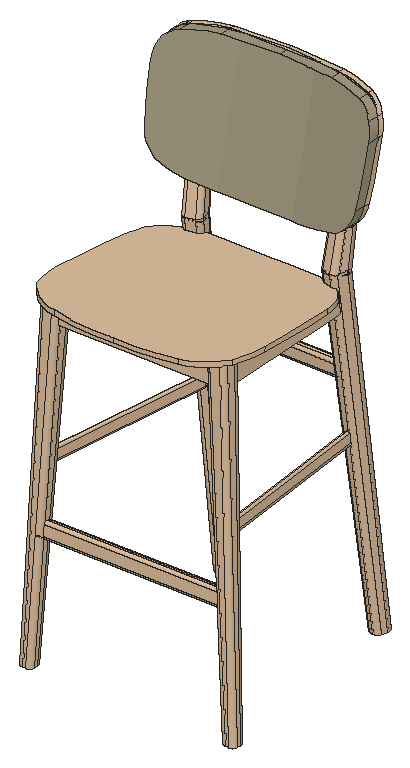
Revit family "FU_Stool_Sandler_Celina 3-14", category Furniture, Revit 2020
Family settings
  OmniClass Number = 23.40.20.00
  OmniClass Title = General Furniture and Specialties
  Work Plane-Based = No
  Always vertical = Yes
  Cut with Voids When Loaded = No
  Shared = No
  Room Calculation Point = No
Parameters (values of type "Celina 3.14")
  Width = 475 mm
  Upholstery = Fabric - Mainline Flax - Tooting MLF17
  URL = "https://www.sandlerseating.com/product/celina-3-14/"
  Model = "Celina 3.14"
  Manufacturer = "Sandler"
  Height = 1090 mm
  Frame = Wood - Beech - Cherry Wood - V
  Description = "Barstool with a wooden seat and upholstered back panel. The frame is in solid beech."
  Depth = 550 mm
  Default Elevation = 0 mm
Reference planes
  plane 1 "Center (Front/Back)": y = 0
  plane 2: z = 0
  plane 3 "Center (Left/Right)": x = 0
  plane 4 "Right": x = -237.5
  plane 5 "Left": x = 237.5
  plane 6 "Back": y = 275
  plane 7 "Front": y = -275
  plane 8 "Height": z = 1090
  plane 9 "Seat height": z = 770
  plane 10 "Seat Frame Base": through (4267.2, 159.453, 701.275) normal (0, -0.0523, -0.9986)
  plane 11: through (4267.2, 256.992, 4.174) normal (0, -0.9912, -0.1325)
  plane 12: through (4267.2, 195.782, 966.959) normal (0, 0.9866, -0.1633)
  plane 13 "BRL C FRONT": x = -169.085
  plane 14 "BL H": z = 741.259
  plane 15 "Cross Stretch RIGHT": z = 402.471
Forms (mm)
  Sweep 1, solid, material "Fabric - Mainline Flax - Tooting MLF17" <- "Upholstery"
    path origin (0, 0, 0) x (0, 1, 0) y (0, 0, 1)
      loop
        line (154.569, 770) -> (234.758, 1108.042)
    profile "Pro_celina_Back_UPH : Pro_celina_Back_UPH" origin (0, 194.663, 939.021) x (0, -0.972998, 0.230812) y (1, 0, 0)
      loop
        arc (43.165, 250) -> (3, 0) -> (43.165, -250) r 798.125
        line (43.165, -250) -> (73.165, -250)
        arc (73.165, -250) -> (33, 0) -> (73.165, 250) r 798.125
        line (73.165, 250) -> (43.165, 250)
  Extrusion 2, void
    sketch origin (0, 0, 0) x (1, 0, 0) y (0, 0, 1)
      loop
        line (0, 1090) -> (-120, 1090)
        arc (-120, 1090) -> (-157.187, 1088.102) -> (-193.987, 1082.427) r 365.188
        arc (-193.987, 1082.427) -> (-214.772, 1073.022) -> (-229.541, 1055.635) r 52.064
        arc (-229.541, 1055.635) -> (-235.86, 1038.434) -> (-237.5, 1020.182) r 70.03
        arc (-237.5, 1020.182) -> (-236.007, 959.471) -> (-231.011, 898.947) r 1050.98
        arc (-231.011, 898.947) -> (-222.49, 872.227) -> (-204.346, 850.843) r 71.485
        arc (-204.346, 850.843) -> (-187.552, 840.272) -> (-168.882, 833.545) r 92.057
        arc (-168.882, 833.545) -> (-132.35, 824.773) -> (-95.021, 820.522) r 307.517
        arc (-95.021, 820.522) -> (-47.524, 818.407) -> (0, 817.032) r 3053.671
        arc (0, 817.032) -> (47.524, 818.407) -> (95.021, 820.522) r 3053.671
        arc (95.021, 820.522) -> (132.35, 824.773) -> (168.882, 833.545) r 307.517
        arc (168.882, 833.545) -> (187.552, 840.272) -> (204.346, 850.843) r 92.057
        arc (204.346, 850.843) -> (222.49, 872.227) -> (231.011, 898.947) r 71.485
        arc (231.011, 898.947) -> (236.007, 959.471) -> (237.5, 1020.182) r 1050.98
        arc (237.5, 1020.182) -> (235.86, 1038.434) -> (229.541, 1055.635) r 70.03
        arc (229.541, 1055.635) -> (214.772, 1073.022) -> (193.987, 1082.427) r 52.064
        arc (193.987, 1082.427) -> (157.187, 1088.102) -> (120, 1090) r 365.188
        line (120, 1090) -> (0, 1090)
      loop
        line (-260, 1133.116) -> (-260, 753.116) -> (260, 753.116) -> (260, 1133.116) -> (-260, 1133.116)
    from -240.348 to -100.3
  Extrusion 3, solid, material "Wood - Beech - Cherry Wood - V" <- "Frame"
    sketch origin (0, 37.088, 707.688) x (0, 0.99863, -0.052336) y (1, 0, 0)
      loop
        line (-206.882, 168.434) -> (113.974, 140.363) -> (116.413, 168.234) -> (-204.444, 196.305) -> (-206.882, 168.434)
    from -7 to 40
  Extrusion 4, solid, material "Wood - Beech - Cherry Wood - V" <- "Frame"
    sketch origin (0, 37.088, 707.688) x (0, 0.99863, -0.052336) y (1, 0, 0)
      loop
        line (-206.882, -168.434) -> (-204.444, -196.305) -> (116.413, -168.234) -> (113.974, -140.363) -> (-206.882, -168.434)
    from -7 to 40
  Extrusion 5, solid, material "Wood - Beech - Cherry Wood - V" <- "Frame"
    sketch origin (0, 0, 0) x (1, 0, 0) y (0, 0, 1)
      loop
        spline (0, 722.98) -> (-13.573, 723.047) -> (-27.153, 723.18) -> (-40.733, 723.381) -> (-54.308, 723.648) -> (-67.871, 723.981) -> (-81.416, 724.382) -> (-94.937, 724.848) -> (-108.428, 725.381) -> (-121.883, 725.979) -> (-135.296, 726.643) -> (-148.659, 727.372) -> (-161.969, 728.166)
        line (-161.969, 728.166) -> (-164.929, 677.955) -> (164.929, 677.955) -> (161.969, 728.156)
        spline (161.969, 728.156) -> (148.66, 727.367) -> (135.296, 726.643) -> (121.883, 725.982) -> (108.429, 725.387) -> (94.937, 724.856) -> (81.416, 724.391) -> (67.871, 723.991) -> (54.308, 723.657) -> (40.733, 723.389) -> (27.152, 723.187) -> (13.573, 723.05) -> (0, 722.98)
    from 173.5 to 201.5
  Blend 6, solid, material "Wood - Beech - Cherry Wood - V" <- "Frame"
    base sketch origin (0, 0, 0) x (1, 0, 0) y (0, 1, 0)
      loop
        arc (-224.698, -192.341) -> (-232.122, -195.416) -> (-235.198, -202.841) r 10.5
        line (-235.198, -202.841) -> (-235.198, -210.841)
        arc (-235.198, -210.841) -> (-232.122, -218.265) -> (-224.698, -221.341) r 10.5
        line (-224.698, -221.341) -> (-216.698, -221.341)
        arc (-216.698, -221.341) -> (-209.273, -218.265) -> (-206.198, -210.841) r 10.5
        line (-206.198, -210.841) -> (-206.198, -202.841)
        arc (-206.198, -202.841) -> (-209.273, -195.416) -> (-216.698, -192.341) r 10.5
        line (-216.698, -192.341) -> (-224.698, -192.341)
    top sketch origin (0, 0, 0) x (1, 0, 0) y (0, 1, 0)
      loop
        arc (-190.863, -165.163) -> (-197.934, -168.092) -> (-200.863, -175.163) r 10
        line (-200.863, -175.163) -> (-200.863, -195.903)
        arc (-200.863, -195.903) -> (-197.934, -202.974) -> (-190.863, -205.903) r 10
        line (-190.863, -205.903) -> (-170.215, -205.903)
        arc (-170.215, -205.903) -> (-163.144, -202.974) -> (-160.215, -195.903) r 10
        line (-160.215, -195.903) -> (-160.215, -175.163)
        arc (-160.215, -175.163) -> (-163.144, -168.092) -> (-170.215, -165.163) r 10
        line (-170.215, -165.163) -> (-190.863, -165.163)
    from 0 to 728.156
  Blend 7, solid, material "Wood - Beech - Cherry Wood - V" <- "Frame"
    base sketch origin (0, 0, 0) x (-1, 0, 0) y (0, -1, 0)
      loop
        line (-224.698, 192.341) -> (-216.698, 192.341)
        arc (-216.698, 192.341) -> (-209.273, 195.416) -> (-206.198, 202.841) r 10.5
        line (-206.198, 202.841) -> (-206.198, 210.841)
        arc (-206.198, 210.841) -> (-209.273, 218.265) -> (-216.698, 221.341) r 10.5
        line (-216.698, 221.341) -> (-224.698, 221.341)
        arc (-224.698, 221.341) -> (-232.122, 218.265) -> (-235.198, 210.841) r 10.5
        line (-235.198, 210.841) -> (-235.198, 202.841)
        arc (-235.198, 202.841) -> (-232.122, 195.416) -> (-224.698, 192.341) r 10.5
    top sketch origin (0, 0, 0) x (-1, 0, 0) y (0, -1, 0)
      loop
        line (-190.863, 165.163) -> (-170.215, 165.163)
        arc (-170.215, 165.163) -> (-163.144, 168.092) -> (-160.215, 175.163) r 10
        line (-160.215, 175.163) -> (-160.215, 195.903)
        arc (-160.215, 195.903) -> (-163.144, 202.974) -> (-170.215, 205.903) r 10
        line (-170.215, 205.903) -> (-190.863, 205.903)
        arc (-190.863, 205.903) -> (-197.934, 202.974) -> (-200.863, 195.903) r 10
        line (-200.863, 195.903) -> (-200.863, 175.163)
        arc (-200.863, 175.163) -> (-197.934, 168.092) -> (-190.863, 165.163) r 10
    from 0 to 728.156
  SweptBlend 8, solid, material "Wood - Beech - Cherry Wood - V" <- "Frame"
    path origin (-169.085, 0, 0) x (0, 0, -1) y (0, -1, 0)
      loop
        line (3.053, -257.958) -> (-743.383, -158.146)
    profile origin (-169.085, 257.958, -3.053) x (0, 0.991178, 0.13254) y (-1, 0, 0)
      loop
        arc (-9.924, 12.667) -> (-16.974, 7.397) -> (-18.232, -1.314) r 11.5
        line (-18.232, -1.314) -> (-16.697, -7.348)
        arc (-16.697, -7.348) -> (-11.427, -14.398) -> (-2.715, -15.656) r 11.5
        line (-2.715, -15.656) -> (8.773, -12.732)
        arc (8.773, -12.732) -> (15.822, -7.462) -> (17.081, 1.249) r 11.5
        line (17.081, 1.249) -> (15.545, 7.283)
        arc (15.545, 7.283) -> (10.275, 14.332) -> (1.564, 15.591) r 11.5
        line (1.564, 15.591) -> (-9.924, 12.667)
    end profile origin (-169.085, 158.146, 743.383) x (0, 0.991178, 0.13254) y (-1, 0, 0)
      loop
        line (4.626, 6.197) -> (-15.096, 0.888)
        arc (-15.096, 0.888) -> (-21.466, -4.012) -> (-22.505, -11.981) r 10.5
        line (-22.505, -11.981) -> (-17.36, -31.092)
        arc (-17.36, -31.092) -> (-12.46, -37.462) -> (-4.491, -38.501) r 10.5
        line (-4.491, -38.501) -> (15.23, -33.192)
        arc (15.23, -33.192) -> (21.6, -28.292) -> (22.639, -20.323) r 10.5
        line (22.639, -20.323) -> (17.494, -1.212)
        arc (17.494, -1.212) -> (12.594, 5.158) -> (4.626, 6.197) r 10.5
  SweptBlend 9, solid, material "Wood - Beech - Cherry Wood - V" <- "Frame"
    path origin (-169.085, 0, 0) x (0, 0, -1) y (0, -1, 0)
      loop
        line (-736.013, -157.561) -> (-975.754, -197.237)
    profile origin (-169.085, 157.561, 736.013) x (0, 0.986581, -0.163275) y (-1, 0, 0)
      loop
        line (5.456, 6.197) -> (-14.265, 0.888)
        arc (-14.265, 0.888) -> (-20.635, -4.012) -> (-21.675, -11.981) r 10.5
        line (-21.675, -11.981) -> (-16.53, -31.092)
        arc (-16.53, -31.092) -> (-11.63, -37.462) -> (-3.661, -38.501) r 10.5
        line (-3.661, -38.501) -> (16.06, -33.192)
        arc (16.06, -33.192) -> (22.43, -28.292) -> (23.47, -20.323) r 10.5
        line (23.47, -20.323) -> (18.325, -1.212)
        arc (18.325, -1.212) -> (13.425, 5.158) -> (5.456, 6.197) r 10.5
    end profile origin (-169.085, 197.237, 975.754) x (0, 0.986581, -0.163275) y (-1, 0, 0)
      loop
        arc (10.443, 5.767) -> (6.259, 11.239) -> (-0.569, 12.149) r 9
        line (-0.569, 12.149) -> (-11.406, 9.265)
        arc (-11.406, 9.265) -> (-16.88, 5.078) -> (-17.791, -1.753) r 9.005
        line (-17.791, -1.753) -> (-13.32, -18.551)
        arc (-13.32, -18.551) -> (-9.135, -24.023) -> (-2.307, -24.933) r 9
        line (-2.307, -24.933) -> (8.534, -22.047)
        arc (8.534, -22.047) -> (14.005, -17.863) -> (14.916, -11.035) r 9
        line (14.916, -11.035) -> (10.443, 5.767)
  SweptBlend 10, solid, material "Wood - Beech - Cherry Wood - V" <- "Frame"
    path origin (169.085, 0, 0) x (0, 0, -1) y (0, 1, 0)
      loop
        line (3.053, 257.958) -> (-743.383, 158.146)
    profile origin (169.085, 257.958, -3.053) x (0, -0.991178, -0.13254) y (1, 0, 0)
      loop
        line (9.924, 12.667) -> (-1.564, 15.591)
        arc (-1.564, 15.591) -> (-10.275, 14.332) -> (-15.545, 7.283) r 11.5
        line (-15.545, 7.283) -> (-17.081, 1.249)
        arc (-17.081, 1.249) -> (-15.822, -7.462) -> (-8.773, -12.732) r 11.5
        line (-8.773, -12.732) -> (2.715, -15.656)
        arc (2.715, -15.656) -> (11.427, -14.398) -> (16.697, -7.348) r 11.5
        line (16.697, -7.348) -> (18.232, -1.314)
        arc (18.232, -1.314) -> (16.974, 7.397) -> (9.924, 12.667) r 11.5
    end profile origin (169.085, 158.146, 743.383) x (0, -0.991178, -0.13254) y (1, 0, 0)
      loop
        arc (-4.626, 6.197) -> (-12.594, 5.158) -> (-17.494, -1.212) r 10.5
        line (-17.494, -1.212) -> (-22.639, -20.323)
        arc (-22.639, -20.323) -> (-21.6, -28.292) -> (-15.23, -33.192) r 10.5
        line (-15.23, -33.192) -> (4.491, -38.501)
        arc (4.491, -38.501) -> (12.46, -37.462) -> (17.36, -31.092) r 10.5
        line (17.36, -31.092) -> (22.505, -11.981)
        arc (22.505, -11.981) -> (21.466, -4.012) -> (15.096, 0.888) r 10.5
        line (15.096, 0.888) -> (-4.626, 6.197)
  SweptBlend 11, solid, material "Wood - Beech - Cherry Wood - V" <- "Frame"
    path origin (169.085, 0, 0) x (0, 0, -1) y (0, 1, 0)
      loop
        line (-736.013, 157.561) -> (-975.754, 197.237)
    profile origin (169.085, 157.561, 736.013) x (0, -0.986581, 0.163275) y (1, 0, 0)
      loop
        arc (-5.456, 6.197) -> (-13.425, 5.158) -> (-18.325, -1.212) r 10.5
        line (-18.325, -1.212) -> (-23.47, -20.323)
        arc (-23.47, -20.323) -> (-22.43, -28.292) -> (-16.06, -33.192) r 10.5
        line (-16.06, -33.192) -> (3.661, -38.501)
        arc (3.661, -38.501) -> (11.63, -37.462) -> (16.53, -31.092) r 10.5
        line (16.53, -31.092) -> (21.675, -11.981)
        arc (21.675, -11.981) -> (20.635, -4.012) -> (14.265, 0.888) r 10.5
        line (14.265, 0.888) -> (-5.456, 6.197)
    end profile origin (169.085, 197.237, 975.754) x (0, -0.986581, 0.163275) y (1, 0, 0)
      loop
        line (-10.443, 5.767) -> (-14.916, -11.035)
        arc (-14.916, -11.035) -> (-14.005, -17.863) -> (-8.534, -22.047) r 9
        line (-8.534, -22.047) -> (2.307, -24.933)
        arc (2.307, -24.933) -> (9.135, -24.023) -> (13.32, -18.551) r 9
        line (13.32, -18.551) -> (17.791, -1.753)
        arc (17.791, -1.753) -> (16.88, 5.078) -> (11.406, 9.265) r 9.005
        line (11.406, 9.265) -> (0.569, 12.149)
        arc (0.569, 12.149) -> (-6.259, 11.239) -> (-10.443, 5.767) r 9
  Extrusion 12, void
    sketch origin (0, 0, 0) x (1, 0, 0) y (0, 1, 0)
      loop
        line (-200.713, 290.36) -> (-200.713, 230.36) -> (-140.713, 230.36) -> (-140.713, 290.36) -> (-200.713, 290.36)
    from 0 to -10
  Extrusion 13, void
    sketch origin (0, 0, 0) x (-1, 0, 0) y (0, -1, 0)
      loop
        line (-200.713, -290.36) -> (-140.713, -290.36) -> (-140.713, -230.36) -> (-200.713, -230.36) -> (-200.713, -290.36)
    from 0 to -10
  Extrusion 14, solid, material "Wood - Beech - Cherry Wood - V" <- "Frame"
    sketch origin (0, 0, 0) x (0, 1, 0) y (0, 0, 1)
      loop
        arc (-209.827, 259.938) -> (-208.115, 255.614) -> (-203.828, 253.811) r 6
        line (-203.828, 253.811) -> (-197.594, 253.811)
        arc (-197.594, 253.811) -> (-193.396, 255.524) -> (-191.595, 259.685) r 6
        line (-191.595, 259.685) -> (-191.084, 283.964)
        arc (-191.084, 283.964) -> (-192.795, 288.288) -> (-197.082, 290.09) r 6
        line (-197.082, 290.09) -> (-203.3, 290.09)
        arc (-203.3, 290.09) -> (-207.51, 288.372) -> (-209.316, 284.2) r 6.017
        line (-209.316, 284.2) -> (-209.827, 259.938)
    from -204 to 204
  Extrusion 15, solid, material "Wood - Beech - Cherry Wood - V" <- "Frame"
    sketch origin (0, 384.812, 261.678) x (0, 1, 0) y (0, 0, 1)
      loop
        arc (-209.597, 258.954) -> (-207.212, 254.962) -> (-202.691, 253.872) r 6
        line (-202.691, 253.872) -> (-196.538, 254.875)
        arc (-196.538, 254.875) -> (-192.67, 257.241) -> (-191.562, 261.637) r 6
        line (-191.562, 261.637) -> (-194.961, 285.681)
        arc (-194.961, 285.681) -> (-197.346, 289.674) -> (-201.867, 290.763) r 6
        line (-201.867, 290.763) -> (-208.004, 289.763)
        arc (-208.004, 289.763) -> (-211.882, 287.391) -> (-212.994, 282.982) r 6.017
        line (-212.994, 282.982) -> (-209.597, 258.954)
    from -170 to 170
  Blend 16, solid, material "Wood - Beech - Cherry Wood - V" <- "Frame"
    base sketch origin (0, 0, 0) x (1, 0, 0) y (0, 0, 1)
      loop
        arc (-204.013, 392.248) -> (-202.593, 388.608) -> (-199.015, 387.042) r 5.1
        arc (-199.015, 387.042) -> (-195.511, 388.532) -> (-194.016, 392.033) r 5.1
        line (-194.016, 392.033) -> (-193.599, 411.833)
        arc (-193.599, 411.833) -> (-195.016, 415.47) -> (-198.591, 417.039) r 5.1
        arc (-198.591, 417.039) -> (-202.1, 415.543) -> (-203.597, 412.034) r 5.114
        line (-203.597, 412.034) -> (-204.013, 392.248)
    top sketch origin (0, 0, 0) x (1, 0, 0) y (0, 0, 1)
      loop
        arc (-162.73, 392.248) -> (-161.31, 388.608) -> (-157.731, 387.042) r 5.1
        arc (-157.731, 387.042) -> (-154.227, 388.532) -> (-152.732, 392.033) r 5.1
        line (-152.732, 392.033) -> (-152.315, 411.833)
        arc (-152.315, 411.833) -> (-153.733, 415.47) -> (-157.307, 417.039) r 5.1
        arc (-157.307, 417.039) -> (-160.816, 415.543) -> (-162.313, 412.034) r 5.114
        line (-162.313, 412.034) -> (-162.73, 392.248)
    from 185 to -195
  Blend 17, solid, material "Wood - Beech - Cherry Wood - V" <- "Frame"
    base sketch origin (0, 0, 0) x (-1, 0, 0) y (0, 0, -1)
      loop
        line (-204.013, -392.248) -> (-203.597, -412.034)
        arc (-203.597, -412.034) -> (-202.1, -415.543) -> (-198.591, -417.039) r 5.114
        arc (-198.591, -417.039) -> (-195.016, -415.47) -> (-193.599, -411.833) r 5.1
        line (-193.599, -411.833) -> (-194.016, -392.033)
        arc (-194.016, -392.033) -> (-195.511, -388.532) -> (-199.015, -387.042) r 5.1
        arc (-199.015, -387.042) -> (-202.593, -388.608) -> (-204.013, -392.248) r 5.1
    top sketch origin (0, 0, 0) x (-1, 0, 0) y (0, 0, -1)
      loop
        line (-162.73, -392.248) -> (-162.313, -412.034)
        arc (-162.313, -412.034) -> (-160.816, -415.543) -> (-157.307, -417.039) r 5.114
        arc (-157.307, -417.039) -> (-153.733, -415.47) -> (-152.315, -411.833) r 5.1
        line (-152.315, -411.833) -> (-152.732, -392.033)
        arc (-152.732, -392.033) -> (-154.227, -388.532) -> (-157.731, -387.042) r 5.1
        arc (-157.731, -387.042) -> (-161.31, -388.608) -> (-162.73, -392.248) r 5.1
    from 185 to -195
  Sweep 18, solid, material "Wood - Beech - Cherry Wood - V" <- "Frame"
    path origin (0, 37.088, 707.688) x (0, 0.99863, -0.052336) y (1, 0, 0)
      loop
        line (-310.625, -0.616) -> (149.375, -0.616)
    profile "Pro_celina_Seat : Pro_celina_Seat" origin (-0.616, -43.426, 711.908) x (1, 0, 0) y (0, -0.052336, -0.99863)
      loop
        arc (237.5, -12.54) -> (0, 0) -> (-237.5, -12.54) r 2255.339
        line (-237.5, -12.54) -> (-237.5, -22.54)
        arc (-237.5, -22.54) -> (0, -10) -> (237.5, -22.54) r 2255.339
        line (237.5, -22.54) -> (237.5, -12.54)
  Extrusion 19, void
    sketch origin (-0.616, 0.33, 772.5) x (-1, 0, 0) y (0, -1, 0)
      loop
        arc (0, -160.406) -> (48.43, -159.697) -> (96.792, -157.026) r 1194.181
        arc (96.792, -157.026) -> (125.424, -152.664) -> (153.07, -144.033) r 191.447
        arc (153.07, -144.033) -> (179.743, -128.109) -> (200.057, -104.606) r 97.55
        arc (200.057, -104.606) -> (210.361, -81.825) -> (214.558, -57.177) r 97.88
        arc (214.558, -57.177) -> (221.35, 34.027) -> (224.51, 125.429) r 2299.665
        arc (224.51, 125.429) -> (221.61, 161.639) -> (211.95, 196.658) r 192.276
        arc (211.95, 196.658) -> (179.208, 231.35) -> (134.198, 247.151) r 101.024
        arc (134.198, 247.151) -> (67.293, 254.385) -> (0, 254.704) r 653.875
        arc (0, 254.704) -> (-67.293, 254.385) -> (-134.198, 247.151) r 653.875
        arc (-134.198, 247.151) -> (-179.208, 231.35) -> (-211.95, 196.658) r 101.024
        arc (-211.95, 196.658) -> (-221.61, 161.639) -> (-224.51, 125.429) r 192.276
        arc (-224.51, 125.429) -> (-221.35, 34.027) -> (-214.558, -57.177) r 2299.665
        arc (-214.558, -57.177) -> (-210.361, -81.825) -> (-200.057, -104.606) r 97.88
        arc (-200.057, -104.606) -> (-179.743, -128.109) -> (-153.07, -144.033) r 97.55
        arc (-153.07, -144.033) -> (-125.424, -152.664) -> (-96.792, -157.026) r 191.447
        arc (-96.792, -157.026) -> (-48.43, -159.697) -> (0, -160.406) r 1194.181
      loop
        line (248.521, -200.925) -> (248.521, 289.075) -> (-251.479, 289.075) -> (-251.479, -200.925) -> (248.521, -200.925)
    from -18.812 to -76.796
  Sweep 20, solid, material "Wood - Beech - Cherry Wood - V" <- "Frame"
    path origin (-0.071, 0, 0.018) x (0, 1, 0) y (0, 0, 1)
      loop
        line (154.569, 770) -> (234.758, 1108.042)
    profile "Pro_celina_Back : Pro_celina_Back" origin (-0.071, 194.663, 939.039) x (0, -0.972998, 0.230812) y (1, 0, 0)
      loop
        arc (50.165, -250) -> (10, 0) -> (50.165, 250) r 798.119
        line (50.165, 250) -> (40.165, 250)
        arc (40.165, 250) -> (0, 0) -> (40.165, -250) r 798.125
        line (40.165, -250) -> (50.165, -250)
  Extrusion 21, void
    sketch origin (-0.071, 0, 0.018) x (1, 0, 0) y (0, 0, 1)
      loop
        line (0, 1088.75) -> (-120.05, 1088.75)
        arc (-120.05, 1088.75) -> (-156.865, 1086.871) -> (-193.297, 1081.252) r 361.536
        arc (-193.297, 1081.252) -> (-213.874, 1071.942) -> (-228.495, 1054.729) r 51.543
        arc (-228.495, 1054.729) -> (-234.751, 1037.699) -> (-236.375, 1019.63) r 69.33
        arc (-236.375, 1019.63) -> (-234.897, 959.526) -> (-229.951, 899.607) r 1040.47
        arc (-229.951, 899.607) -> (-221.515, 873.155) -> (-203.553, 851.984) r 70.77
        arc (-203.553, 851.984) -> (-186.926, 841.519) -> (-168.443, 834.86) r 91.136
        arc (-168.443, 834.86) -> (-132.277, 826.176) -> (-95.321, 821.967) r 304.441
        arc (-95.321, 821.967) -> (-47.987, 819.861) -> (-0.625, 818.498) r 3023.134
        arc (-0.625, 818.498) -> (46.737, 819.861) -> (94.071, 821.967) r 3023.134
        arc (94.071, 821.967) -> (129.37, 825.888) -> (163.972, 833.894) r 304.441
        arc (163.972, 833.894) -> (184.858, 840.542) -> (203.553, 851.984) r 91.136
        arc (203.553, 851.984) -> (221.515, 873.155) -> (229.951, 899.607) r 70.77
        arc (229.951, 899.607) -> (234.897, 959.526) -> (236.375, 1019.63) r 1040.47
        arc (236.375, 1019.63) -> (234.751, 1037.699) -> (228.495, 1054.729) r 69.33
        arc (228.495, 1054.729) -> (213.874, 1071.942) -> (193.297, 1081.252) r 51.543
        arc (193.297, 1081.252) -> (156.865, 1086.871) -> (120.05, 1088.75) r 361.536
        line (120.05, 1088.75) -> (0, 1088.75)
      loop
        line (-260, 1133.116) -> (-260, 753.116) -> (260, 753.116) -> (260, 1133.116) -> (-260, 1133.116)
    from -243.662 to -80
Cuts and joins
  Extrusion 12, Extrusion 13 cuts SweptBlend 8
  Extrusion 13 cuts SweptBlend 10
  Extrusion 19 cuts Sweep 18
  Extrusion 21 cuts Sweep 1
  Extrusion 2 cuts Sweep 20
Dimensions and locks
  equal spacing: plane 4 "Right", plane 3 "Center (Left/Right)", plane 5 "Left"
  "Width": plane 4 "Right" to plane 5 "Left"
  equal spacing: plane 6 "Back", plane 1 "Center (Front/Back)", plane 7 "Front"
  "Depth": plane 6 "Back" to plane 7 "Front"
  "Height": plane 8 "Height" to level
  plane 9 "Seat height" to level = 770 mm
  aligned and locked: level to plane 2
Automatic sketch dimensions
  Sweep 1 sketch curve to plane 9 "Seat height" = 0 mm
  Sweep 1 sketch curve to plane 6 "Back" = 120.431 mm
  plane 8 "Height" to Sweep 1 sketch curve = 18.042 mm
  Sweep 1 sketch curve to plane 6 "Back" = 40.242 mm
  plane 4 "Right" to Extrusion 2 sketch curve = 0 mm
  Extrusion 2 sketch curve to plane 8 "Height" = 0 mm
  Extrusion 2 sketch curve to plane 3 "Center (Left/Right)" = 0 mm  (x2)
  plane 5 "Left" to Extrusion 2 sketch curve = 0 mm
  plane 4 "Right" to Extrusion 2 sketch curve = 22.5 mm
  Extrusion 2 sketch curve to plane 8 "Height" = 74.355 mm  (x2)
  Extrusion 2 sketch curve to Extrusion 2 sketch curve = 553.47 mm  (x2)
  plane 13 "BRL C FRONT" to Extrusion 2 sketch curve = 14.354 mm
  Extrusion 2 sketch curve to plane 13 "BRL C FRONT" = 1.555 mm
  Extrusion 2 sketch curve to plane 13 "BRL C FRONT" = 9.117 mm
  Extrusion 2 sketch curve to Extrusion 2 sketch curve = 12.771 mm  (x2)
  Extrusion 2 sketch curve to plane 14 "BL H" = 16.447 mm  (x2)
  Extrusion 2 sketch curve to plane 13 "BRL C FRONT" = 49.085 mm
  Extrusion 2 sketch curve to Extrusion 2 sketch curve = 41.05 mm
  Extrusion 2 sketch curve to plane 3 "Center (Left/Right)" = 64.564 mm
  plane 3 "Center (Left/Right)" to Extrusion 2 sketch curve = 64.564 mm
  plane 8 "Height" to Extrusion 2 sketch curve = 37.618 mm  (x2)
  plane 3 "Center (Left/Right)" to Extrusion 2 sketch curve = 78.95 mm
  plane 5 "Left" to Extrusion 2 sketch curve = 117.5 mm
  plane 5 "Left" to Extrusion 2 sketch curve = 90.303 mm
  plane 5 "Left" to Extrusion 2 sketch curve = 69.97 mm
  Extrusion 2 sketch curve to Extrusion 2 sketch curve = 15.909 mm
  Extrusion 2 sketch curve to plane 5 "Left" = 22.5 mm
  plane 14 "BL H" to Extrusion 2 sketch curve = 11.857 mm
  plane 9 "Seat height" to Extrusion 2 sketch curve = 136.884 mm  (x2)
  Extrusion 2 sketch curve to Extrusion 2 sketch curve = 16.127 mm  (x2)
  Extrusion 2 sketch curve to plane 8 "Height" = 66.906 mm  (x2)
  Extrusion 2 sketch curve to Extrusion 2 sketch curve = 8.349 mm  (x2)
  plane 8 "Height" to Extrusion 2 sketch curve = 43.116 mm
  Extrusion 2 sketch curve to Extrusion 2 sketch curve = 2742.401 mm
  Extrusion 2 sketch curve to Extrusion 2 sketch curve = 0 mm  (x9)
  Extrusion 2 sketch curve to Extrusion 2 sketch curve = 71.043 mm
  Extrusion 2 sketch curve to plane 13 "BRL C FRONT" = 0.203 mm
  plane 9 "Seat height" to Extrusion 2 sketch curve = 63.545 mm
  plane 5 "Left" to Extrusion 3 sketch curve = 69.066 mm
  plane 5 "Left" to Extrusion 3 sketch curve = 41.195 mm
  Extrusion 3 sketch curve to Extrusion 3 sketch curve = 2.438 mm
  plane 5 "Left" to Extrusion 3 sketch curve = 97.137 mm
  plane 13 "BRL C FRONT" to Extrusion 4 sketch curve = 0.651 mm
  Extrusion 4 sketch curve to plane 13 "BRL C FRONT" = 27.22 mm
  Extrusion 4 sketch curve to Extrusion 4 sketch curve = 2.438 mm
  plane 13 "BRL C FRONT" to Extrusion 4 sketch curve = 28.722 mm
  Extrusion 5 sketch curve to plane 13 "BRL C FRONT" = 4.156 mm
  Extrusion 5 sketch curve to plane 13 "BRL C FRONT" = 7.116 mm
  Extrusion 5 sketch curve to plane 14 "BL H" = 13.103 mm
  plane 5 "Left" to Extrusion 5 sketch curve = 75.531 mm
  Extrusion 5 sketch curve to Extrusion 5 sketch curve = 2.96 mm
  Extrusion 5 sketch curve to Extrusion 5 sketch curve = 50.201 mm
  Extrusion 5 sketch curve to Extrusion 5 sketch curve = 50.211 mm
  Extrusion 5 sketch curve to plane 3 "Center (Left/Right)" = 28.551 mm
  Extrusion 5 sketch curve to plane 3 "Center (Left/Right)" = 0 mm
  plane 3 "Center (Left/Right)" to Extrusion 5 sketch curve = 28.575 mm
  plane 9 "Seat height" to Extrusion 5 sketch curve = 91.627 mm
  Extrusion 5 sketch curve to plane 5 "Left" = 370.996 mm
  Extrusion 5 sketch curve to Extrusion 5 sketch curve = 57.126 mm
  Blend 6 sketch curve to plane 4 "Right" = 2.302 mm
  Blend 6 sketch curve to plane 4 "Right" = 12.802 mm
  Blend 6 sketch curve to Blend 6 sketch curve = 0 mm
  Blend 6 sketch curve to Blend 6 sketch curve = 8 mm  (x3)
  Blend 6 sketch curve to Blend 6 sketch curve = 10.5 mm
  plane 7 "Front" to Blend 6 sketch curve = 53.659 mm
  plane 13 "BRL C FRONT" to Blend 6 sketch curve = 31.778 mm
  Blend 6 sketch curve to Blend 6 sketch curve = 10 mm  (x2)
  plane 13 "BRL C FRONT" to Blend 6 sketch curve = 1.13 mm  (x2)
  Blend 6 sketch curve to plane 13 "BRL C FRONT" = 8.87 mm
  plane 7 "Front" to Blend 6 sketch curve = 69.097 mm
  Blend 6 sketch curve to Blend 6 sketch curve = 20.739 mm
  Blend 7 sketch curve to plane 5 "Left" = 2.302 mm
  Blend 7 sketch curve to plane 5 "Left" = 12.802 mm
  Blend 7 sketch curve to Blend 7 sketch curve = 0 mm
  Blend 7 sketch curve to Blend 7 sketch curve = 8 mm  (x3)
  Blend 7 sketch curve to Blend 7 sketch curve = 10.5 mm
  Blend 7 sketch curve to plane 7 "Front" = 53.659 mm
  Blend 7 sketch curve to plane 5 "Left" = 36.637 mm
  Blend 7 sketch curve to Blend 7 sketch curve = 10 mm  (x3)
  Blend 7 sketch curve to Blend 7 sketch curve = 20.648 mm  (x2)
  Blend 7 sketch curve to plane 7 "Front" = 69.097 mm
  Blend 7 sketch curve to Blend 7 sketch curve = 20.739 mm
  plane 11 to SweptBlend 8 sketch curve = 0 mm  (x2)
  plane 14 "BL H" to SweptBlend 8 sketch curve = 2.124 mm
  SweptBlend 8 sketch curve to level = 3.053 mm
  SweptBlend 8 sketch curve to plane 13 "BRL C FRONT" = 1.314 mm
  profile plane to SweptBlend 8 sketch curve = 18.232 mm
  SweptBlend 8 sketch curve to plane 13 "BRL C FRONT" = 7.348 mm
  SweptBlend 8 sketch curve to SweptBlend 8 sketch curve = 1.536 mm  (x2)
  profile plane to SweptBlend 8 sketch curve = 9.924 mm
  plane 13 "BRL C FRONT" to SweptBlend 8 sketch curve = 1.522 mm
  profile plane to SweptBlend 8 sketch curve = 7.088 mm
  profile plane to SweptBlend 8 sketch curve = 5.552 mm
  profile plane to SweptBlend 8 sketch curve = 2.715 mm
  SweptBlend 8 sketch curve to profile plane = 1.564 mm
  SweptBlend 8 sketch curve to profile plane = 4.4 mm
  SweptBlend 8 sketch curve to plane 13 "BRL C FRONT" = 1.587 mm
  SweptBlend 8 sketch curve to profile plane = 5.936 mm
  SweptBlend 8 sketch curve to profile plane = 8.773 mm
  plane 13 "BRL C FRONT" to SweptBlend 8 sketch curve = 7.283 mm
  SweptBlend 8 sketch curve to SweptBlend 8 sketch curve = 11.145 mm
  plane 13 "BRL C FRONT" to SweptBlend 8 sketch curve = 1.249 mm
  SweptBlend 8 sketch curve to SweptBlend 8 sketch curve = 2.924 mm
  plane 13 "BRL C FRONT" to SweptBlend 8 sketch curve = 4.446 mm
  profile plane to SweptBlend 8 sketch curve = 22.505 mm
  profile plane to SweptBlend 8 sketch curve = 17.36 mm
  plane 13 "BRL C FRONT" to SweptBlend 8 sketch curve = 0.888 mm
  SweptBlend 8 sketch curve to SweptBlend 8 sketch curve = 7.409 mm
  SweptBlend 8 sketch curve to plane 13 "BRL C FRONT" = 9.251 mm
  SweptBlend 8 sketch curve to SweptBlend 8 sketch curve = 2.73 mm  (x4)
  profile plane to SweptBlend 8 sketch curve = 7.221 mm
  profile plane to SweptBlend 8 sketch curve = 4.491 mm
  SweptBlend 8 sketch curve to profile plane = 4.626 mm
  SweptBlend 8 sketch curve to profile plane = 7.355 mm
  SweptBlend 8 sketch curve to profile plane = 12.5 mm
  SweptBlend 8 sketch curve to plane 13 "BRL C FRONT" = 1.212 mm
  SweptBlend 8 sketch curve to SweptBlend 8 sketch curve = 10.139 mm  (x2)
  SweptBlend 8 sketch curve to SweptBlend 8 sketch curve = 19.111 mm  (x2)
  SweptBlend 8 sketch curve to plane 13 "BRL C FRONT" = 3.942 mm
  plane 12 to SweptBlend 9 sketch curve = 0 mm  (x2)
  SweptBlend 9 sketch curve to plane 6 "Back" = 77.763 mm
  SweptBlend 9 sketch curve to plane 14 "BL H" = 5.246 mm
  profile plane to SweptBlend 9 sketch curve = 21.675 mm
  profile plane to SweptBlend 9 sketch curve = 16.53 mm
  plane 13 "BRL C FRONT" to SweptBlend 9 sketch curve = 0.888 mm
  profile plane to SweptBlend 9 sketch curve = 14.265 mm
  SweptBlend 9 sketch curve to plane 13 "BRL C FRONT" = 9.251 mm
  SweptBlend 9 sketch curve to SweptBlend 9 sketch curve = 10.139 mm  (x3)
  profile plane to SweptBlend 9 sketch curve = 6.391 mm
  profile plane to SweptBlend 9 sketch curve = 3.661 mm
  SweptBlend 9 sketch curve to profile plane = 5.456 mm
  SweptBlend 9 sketch curve to plane 13 "BRL C FRONT" = 3.942 mm
  SweptBlend 9 sketch curve to profile plane = 8.186 mm
  SweptBlend 9 sketch curve to profile plane = 13.331 mm
  SweptBlend 9 sketch curve to SweptBlend 9 sketch curve = 2.73 mm  (x3)
  SweptBlend 9 sketch curve to plane 13 "BRL C FRONT" = 1.212 mm
  SweptBlend 9 sketch curve to SweptBlend 9 sketch curve = 19.111 mm  (x2)
  SweptBlend 9 sketch curve to plane 13 "BRL C FRONT" = 1.753 mm
  profile plane to SweptBlend 9 sketch curve = 17.791 mm
  profile plane to SweptBlend 9 sketch curve = 13.32 mm
  profile plane to SweptBlend 9 sketch curve = 11.406 mm
  plane 13 "BRL C FRONT" to SweptBlend 9 sketch curve = 0.563 mm
  SweptBlend 9 sketch curve to SweptBlend 9 sketch curve = 2.316 mm
  profile plane to SweptBlend 9 sketch curve = 4.622 mm
  profile plane to SweptBlend 9 sketch curve = 2.307 mm
  profile plane to SweptBlend 9 sketch curve = 0.569 mm
  SweptBlend 9 sketch curve to profile plane = 1.746 mm
  SweptBlend 9 sketch curve to profile plane = 6.218 mm
  SweptBlend 9 sketch curve to profile plane = 8.534 mm
  plane 13 "BRL C FRONT" to SweptBlend 9 sketch curve = 5.767 mm
  SweptBlend 9 sketch curve to SweptBlend 9 sketch curve = 8.697 mm  (x2)
  SweptBlend 9 sketch curve to plane 13 "BRL C FRONT" = 11.035 mm
  SweptBlend 9 sketch curve to SweptBlend 9 sketch curve = 2.315 mm  (x2)
  SweptBlend 9 sketch curve to SweptBlend 9 sketch curve = 2.886 mm
  plane 13 "BRL C FRONT" to SweptBlend 9 sketch curve = 3.452 mm
  SweptBlend 10 sketch curve to plane 11 = 0 mm
  plane 11 to SweptBlend 10 sketch curve = 0 mm
  plane 14 "BL H" to SweptBlend 10 sketch curve = 2.124 mm
  SweptBlend 10 sketch curve to level = 3.053 mm
  profile plane to SweptBlend 10 sketch curve = 1.249 mm
  profile plane to SweptBlend 10 sketch curve = 17.081 mm
  profile plane to SweptBlend 10 sketch curve = 7.283 mm
  SweptBlend 10 sketch curve to SweptBlend 10 sketch curve = 1.536 mm  (x3)
  profile plane to SweptBlend 10 sketch curve = 8.773 mm
  SweptBlend 10 sketch curve to profile plane = 1.587 mm
  profile plane to SweptBlend 10 sketch curve = 5.936 mm
  profile plane to SweptBlend 10 sketch curve = 4.4 mm
  profile plane to SweptBlend 10 sketch curve = 1.564 mm
  SweptBlend 10 sketch curve to profile plane = 2.715 mm
  SweptBlend 10 sketch curve to profile plane = 5.552 mm
  profile plane to SweptBlend 10 sketch curve = 1.522 mm
  SweptBlend 10 sketch curve to profile plane = 9.924 mm
  SweptBlend 10 sketch curve to profile plane = 7.348 mm
  SweptBlend 10 sketch curve to SweptBlend 10 sketch curve = 11.145 mm
  SweptBlend 10 sketch curve to profile plane = 1.314 mm
  SweptBlend 10 sketch curve to SweptBlend 10 sketch curve = 2.924 mm
  profile plane to SweptBlend 10 sketch curve = 4.446 mm
  profile plane to SweptBlend 10 sketch curve = 22.639 mm
  SweptBlend 10 sketch curve to profile plane = 1.212 mm
  profile plane to SweptBlend 10 sketch curve = 17.494 mm
  SweptBlend 10 sketch curve to SweptBlend 10 sketch curve = 7.409 mm
  SweptBlend 10 sketch curve to SweptBlend 10 sketch curve = 10.139 mm  (x3)
  profile plane to SweptBlend 10 sketch curve = 7.355 mm
  profile plane to SweptBlend 10 sketch curve = 4.626 mm
  SweptBlend 10 sketch curve to profile plane = 4.491 mm
  SweptBlend 10 sketch curve to profile plane = 7.221 mm
  SweptBlend 10 sketch curve to profile plane = 12.366 mm
  profile plane to SweptBlend 10 sketch curve = 0.888 mm
  SweptBlend 10 sketch curve to SweptBlend 10 sketch curve = 2.73 mm  (x3)
  SweptBlend 10 sketch curve to profile plane = 11.981 mm
  SweptBlend 10 sketch curve to SweptBlend 10 sketch curve = 19.111 mm  (x2)
  SweptBlend 10 sketch curve to profile plane = 3.942 mm
  plane 12 to SweptBlend 11 sketch curve = 0 mm
  SweptBlend 11 sketch curve to plane 12 = 0 mm
  SweptBlend 11 sketch curve to plane 6 "Back" = 77.763 mm
  SweptBlend 11 sketch curve to plane 14 "BL H" = 5.246 mm
  profile plane to SweptBlend 11 sketch curve = 23.47 mm
  SweptBlend 11 sketch curve to profile plane = 1.212 mm
  profile plane to SweptBlend 11 sketch curve = 18.325 mm
  SweptBlend 11 sketch curve to SweptBlend 11 sketch curve = 7.409 mm
  SweptBlend 11 sketch curve to SweptBlend 11 sketch curve = 10.139 mm  (x3)
  SweptBlend 11 sketch curve to profile plane = 3.942 mm
  profile plane to SweptBlend 11 sketch curve = 8.186 mm
  profile plane to SweptBlend 11 sketch curve = 5.456 mm
  SweptBlend 11 sketch curve to profile plane = 3.661 mm
  SweptBlend 11 sketch curve to profile plane = 6.391 mm
  SweptBlend 11 sketch curve to profile plane = 11.536 mm
  profile plane to SweptBlend 11 sketch curve = 0.888 mm
  SweptBlend 11 sketch curve to SweptBlend 11 sketch curve = 2.73 mm  (x3)
  SweptBlend 11 sketch curve to profile plane = 11.981 mm
  SweptBlend 11 sketch curve to SweptBlend 11 sketch curve = 19.111 mm  (x2)
  profile plane to SweptBlend 11 sketch curve = 14.916 mm
  profile plane to SweptBlend 11 sketch curve = 10.443 mm
  profile plane to SweptBlend 11 sketch curve = 8.534 mm
  profile plane to SweptBlend 11 sketch curve = 6.218 mm
  profile plane to SweptBlend 11 sketch curve = 1.746 mm
  SweptBlend 11 sketch curve to profile plane = 0.569 mm
  SweptBlend 11 sketch curve to profile plane = 2.307 mm
  SweptBlend 11 sketch curve to profile plane = 4.622 mm
  profile plane to SweptBlend 11 sketch curve = 0.563 mm
  SweptBlend 11 sketch curve to profile plane = 9.089 mm
  SweptBlend 11 sketch curve to SweptBlend 11 sketch curve = 2.316 mm
  SweptBlend 11 sketch curve to SweptBlend 11 sketch curve = 8.697 mm
  SweptBlend 11 sketch curve to profile plane = 1.753 mm
  SweptBlend 11 sketch curve to SweptBlend 11 sketch curve = 8.702 mm
  SweptBlend 11 sketch curve to profile plane = 11.035 mm
  SweptBlend 11 sketch curve to SweptBlend 11 sketch curve = 2.315 mm  (x2)
  SweptBlend 11 sketch curve to SweptBlend 11 sketch curve = 2.886 mm
  profile plane to SweptBlend 11 sketch curve = 3.452 mm
  profile plane to SweptBlend 11 sketch curve = 5.767 mm
  plane 13 "BRL C FRONT" to Extrusion 12 sketch curve = 31.628 mm
  Extrusion 12 sketch curve to plane 13 "BRL C FRONT" = 28.372 mm
  Extrusion 12 sketch curve to plane 6 "Back" = 44.64 mm
  plane 6 "Back" to Extrusion 12 sketch curve = 15.36 mm
  Extrusion 13 sketch curve to plane 5 "Left" = 36.787 mm
  Extrusion 13 sketch curve to Extrusion 13 sketch curve = 60 mm
  plane 6 "Back" to Extrusion 13 sketch curve = 44.64 mm
  Extrusion 13 sketch curve to plane 6 "Back" = 15.36 mm
  plane 7 "Front" to Extrusion 14 sketch curve = 65.173 mm
  Extrusion 14 sketch curve to Extrusion 14 sketch curve = 0.511 mm
  Extrusion 14 sketch curve to Extrusion 14 sketch curve = 5.999 mm  (x3)
  Extrusion 14 sketch curve to Extrusion 14 sketch curve = 6.016 mm
  Extrusion 14 sketch curve to Extrusion 14 sketch curve = 6.235 mm
  Extrusion 14 sketch curve to Extrusion 14 sketch curve = 6.218 mm
  Extrusion 14 sketch curve to plane 15 "Cross Stretch RIGHT" = 148.66 mm
  Extrusion 14 sketch curve to Extrusion 14 sketch curve = 5.874 mm
  Extrusion 14 sketch curve to Extrusion 14 sketch curve = 6 mm
  Extrusion 14 sketch curve to Extrusion 14 sketch curve = 24.278 mm
  Extrusion 14 sketch curve to Extrusion 14 sketch curve = 0.109 mm
  Extrusion 14 sketch curve to Extrusion 14 sketch curve = 0.126 mm
  Extrusion 15 sketch curve to plane 6 "Back" = 103.182 mm
  Extrusion 15 sketch curve to Extrusion 15 sketch curve = 3.397 mm
  Extrusion 15 sketch curve to Extrusion 15 sketch curve = 4.99 mm
  Extrusion 15 sketch curve to Extrusion 15 sketch curve = 5.958 mm
  Extrusion 15 sketch curve to Extrusion 15 sketch curve = 5.941 mm  (x3)
  Extrusion 15 sketch curve to Extrusion 15 sketch curve = 0.965 mm  (x3)
  Extrusion 15 sketch curve to Extrusion 15 sketch curve = 6.137 mm
  Extrusion 15 sketch curve to Extrusion 15 sketch curve = 6.153 mm
  plane 15 "Cross Stretch RIGHT" to Extrusion 15 sketch curve = 113.079 mm
  Extrusion 15 sketch curve to Extrusion 15 sketch curve = 1.003 mm
  Extrusion 15 sketch curve to Extrusion 15 sketch curve = 5.082 mm
  Extrusion 15 sketch curve to Extrusion 15 sketch curve = 5.922 mm
  Extrusion 15 sketch curve to Extrusion 15 sketch curve = 24.028 mm
  Extrusion 15 sketch curve to Extrusion 15 sketch curve = 0.842 mm
  Extrusion 15 sketch curve to Extrusion 15 sketch curve = 1.017 mm
  Extrusion 15 sketch curve to Extrusion 15 sketch curve = 0.84 mm
  Blend 16 sketch curve to plane 15 "Cross Stretch RIGHT" = 10.223 mm
  Blend 16 sketch curve to plane 4 "Right" = 33.487 mm
  plane 15 "Cross Stretch RIGHT" to Blend 16 sketch curve = 9.562 mm
  Blend 16 sketch curve to Blend 16 sketch curve = 0.417 mm
  Blend 16 sketch curve to Blend 16 sketch curve = 4.899 mm  (x6)
  Blend 16 sketch curve to Blend 16 sketch curve = 0.2 mm  (x2)
  Blend 16 sketch curve to Blend 16 sketch curve = 0.214 mm  (x2)
  Blend 16 sketch curve to plane 15 "Cross Stretch RIGHT" = 10.438 mm  (x2)
  plane 15 "Cross Stretch RIGHT" to Blend 16 sketch curve = 9.362 mm  (x2)
  Blend 16 sketch curve to Blend 16 sketch curve = 4.885 mm  (x2)
  Blend 16 sketch curve to Blend 16 sketch curve = 0.107 mm  (x3)
  Blend 16 sketch curve to Blend 16 sketch curve = 0 mm  (x2)
  Blend 16 sketch curve to Blend 16 sketch curve = 0.093 mm  (x3)
  Blend 16 sketch curve to Blend 16 sketch curve = 0.014 mm  (x2)
  Blend 16 sketch curve to plane 13 "BRL C FRONT" = 6.355 mm
  Blend 16 sketch curve to plane 13 "BRL C FRONT" = 6.772 mm
  plane 15 "Cross Stretch RIGHT" to Blend 17 sketch curve = 10.223 mm  (x2)
  Blend 17 sketch curve to plane 5 "Left" = 33.487 mm
  Blend 17 sketch curve to plane 15 "Cross Stretch RIGHT" = 9.562 mm  (x2)
  Blend 17 sketch curve to Blend 17 sketch curve = 0.417 mm  (x2)
  Blend 17 sketch curve to Blend 17 sketch curve = 4.899 mm  (x6)
  Blend 17 sketch curve to Blend 17 sketch curve = 0.2 mm  (x2)
  Blend 17 sketch curve to Blend 17 sketch curve = 0.214 mm  (x2)
  plane 15 "Cross Stretch RIGHT" to Blend 17 sketch curve = 10.438 mm  (x2)
  Blend 17 sketch curve to plane 15 "Cross Stretch RIGHT" = 9.362 mm  (x2)
  Blend 17 sketch curve to Blend 17 sketch curve = 4.885 mm  (x2)
  Blend 17 sketch curve to Blend 17 sketch curve = 0.107 mm  (x2)
  Blend 17 sketch curve to Blend 17 sketch curve = 0 mm  (x2)
  Blend 17 sketch curve to Blend 17 sketch curve = 0.093 mm  (x2)
  Blend 17 sketch curve to Blend 17 sketch curve = 0.014 mm  (x2)
  Blend 17 sketch curve to plane 5 "Left" = 74.77 mm
  plane 7 "Front" to Extrusion 19 sketch curve = 116.151 mm  (x2)
  Extrusion 19 sketch curve to plane 5 "Left" = 1836.792 mm
  Extrusion 19 sketch curve to plane 5 "Left" = 13.363 mm
  plane 5 "Left" to Extrusion 19 sketch curve = 113.929 mm
  Extrusion 19 sketch curve to plane 1 "Center (Front/Back)" = 53.711 mm  (x2)
  plane 3 "Center (Left/Right)" to Extrusion 19 sketch curve = 116.423 mm
  Extrusion 19 sketch curve to Extrusion 19 sketch curve = 0.281 mm  (x2)
  plane 1 "Center (Front/Back)" to Extrusion 19 sketch curve = 33.547 mm  (x2)
  plane 3 "Center (Left/Right)" to Extrusion 19 sketch curve = 81.742 mm
  plane 3 "Center (Left/Right)" to Extrusion 19 sketch curve = 31.639 mm
  plane 3 "Center (Left/Right)" to Extrusion 19 sketch curve = 29.935 mm
  plane 3 "Center (Left/Right)" to Extrusion 19 sketch curve = 6.138 mm
  Extrusion 19 sketch curve to plane 3 "Center (Left/Right)" = 7.37 mm
  Extrusion 19 sketch curve to plane 3 "Center (Left/Right)" = 31.167 mm
  Extrusion 19 sketch curve to plane 3 "Center (Left/Right)" = 32.87 mm
  Extrusion 19 sketch curve to plane 3 "Center (Left/Right)" = 82.973 mm
  Extrusion 19 sketch curve to plane 13 "BRL C FRONT" = 51.711 mm
  Extrusion 19 sketch curve to plane 13 "BRL C FRONT" = 44.283 mm
  plane 4 "Right" to Extrusion 19 sketch curve = 11.637 mm
  Extrusion 19 sketch curve to Extrusion 19 sketch curve = 1826.387 mm
  Extrusion 19 sketch curve to plane 6 "Back" = 73.745 mm
  plane 6 "Back" to Extrusion 19 sketch curve = 123.786 mm
  Extrusion 19 sketch curve to Extrusion 19 sketch curve = 0 mm  (x10)
  Extrusion 19 sketch curve to Extrusion 19 sketch curve = 0.173 mm  (x2)
  Extrusion 19 sketch curve to Extrusion 19 sketch curve = 94.374 mm
  Extrusion 19 sketch curve to Extrusion 19 sketch curve = 18.373 mm  (x2)
  Extrusion 19 sketch curve to plane 7 "Front" = 13.745 mm
  Extrusion 19 sketch curve to plane 7 "Front" = 758.426 mm
  plane 5 "Left" to Extrusion 19 sketch curve = 13.606 mm
  plane 5 "Left" to Extrusion 19 sketch curve = 23.558 mm
  plane 5 "Left" to Extrusion 19 sketch curve = 26.165 mm
  plane 7 "Front" to Extrusion 19 sketch curve = 28.179 mm  (x2)
  Extrusion 19 sketch curve to plane 3 "Center (Left/Right)" = 0.616 mm  (x2)
  Extrusion 19 sketch curve to plane 4 "Right" = 24.934 mm
  Extrusion 19 sketch curve to plane 4 "Right" = 22.327 mm
  Sweep 18 sketch curve to plane 3 "Center (Left/Right)" = 0.616 mm
  Sweep 18 sketch curve to Sweep 18 sketch curve = 460 mm
  plane 9 "Seat height" to Sweep 20 sketch curve = 0.018 mm
  Sweep 20 sketch curve to plane 6 "Back" = 120.431 mm
  plane 8 "Height" to Sweep 20 sketch curve = 18.06 mm
  Sweep 20 sketch curve to plane 6 "Back" = 40.242 mm
  Extrusion 21 sketch curve to plane 8 "Height" = 74.844 mm  (x2)
  plane 4 "Right" to Extrusion 21 sketch curve = 566.657 mm
  plane 4 "Right" to Extrusion 21 sketch curve = 22.571 mm
  plane 13 "BRL C FRONT" to Extrusion 21 sketch curve = 13.841 mm
  Extrusion 21 sketch curve to plane 13 "BRL C FRONT" = 1.909 mm
  Extrusion 21 sketch curve to plane 13 "BRL C FRONT" = 9.396 mm
  Extrusion 21 sketch curve to Extrusion 21 sketch curve = 12.643 mm  (x2)
  Extrusion 21 sketch curve to plane 14 "BL H" = 14.027 mm  (x2)
  Extrusion 21 sketch curve to plane 13 "BRL C FRONT" = 48.964 mm
  Extrusion 21 sketch curve to Extrusion 21 sketch curve = 40.639 mm
  Extrusion 21 sketch curve to plane 3 "Center (Left/Right)" = 63.99 mm
  Extrusion 21 sketch curve to plane 3 "Center (Left/Right)" = 0.071 mm
  plane 3 "Center (Left/Right)" to Extrusion 21 sketch curve = 62.597 mm
  plane 8 "Height" to Extrusion 21 sketch curve = 36.01 mm  (x2)
  plane 3 "Center (Left/Right)" to Extrusion 21 sketch curve = 78.09 mm
  plane 5 "Left" to Extrusion 21 sketch curve = 117.521 mm
  plane 5 "Left" to Extrusion 21 sketch curve = 90.596 mm
  plane 5 "Left" to Extrusion 21 sketch curve = 70.466 mm
  Extrusion 21 sketch curve to Extrusion 21 sketch curve = 15.75 mm
  Extrusion 21 sketch curve to plane 5 "Left" = 22.429 mm
  Extrusion 21 sketch curve to Extrusion 21 sketch curve = 544.085 mm
  plane 14 "BL H" to Extrusion 21 sketch curve = 11.875 mm
  plane 9 "Seat height" to Extrusion 21 sketch curve = 137.483 mm  (x2)
  Extrusion 21 sketch curve to Extrusion 21 sketch curve = 15.966 mm  (x2)
  Extrusion 21 sketch curve to plane 8 "Height" = 67.469 mm  (x2)
  Extrusion 21 sketch curve to Extrusion 21 sketch curve = 8.265 mm  (x2)
  Extrusion 21 sketch curve to plane 8 "Height" = 1.232 mm
  plane 8 "Height" to Extrusion 21 sketch curve = 43.134 mm
  Extrusion 21 sketch curve to Extrusion 21 sketch curve = 2707.853 mm
  Extrusion 21 sketch curve to Extrusion 21 sketch curve = 0 mm  (x10)
  Extrusion 21 sketch curve to plane 4 "Right" = 1.054 mm
  Extrusion 21 sketch curve to Extrusion 21 sketch curve = 70.333 mm
  Extrusion 21 sketch curve to plane 13 "BRL C FRONT" = 0.57 mm
  Extrusion 21 sketch curve to plane 3 "Center (Left/Right)" = 0.696 mm
  plane 9 "Seat height" to Extrusion 21 sketch curve = 63.912 mm
